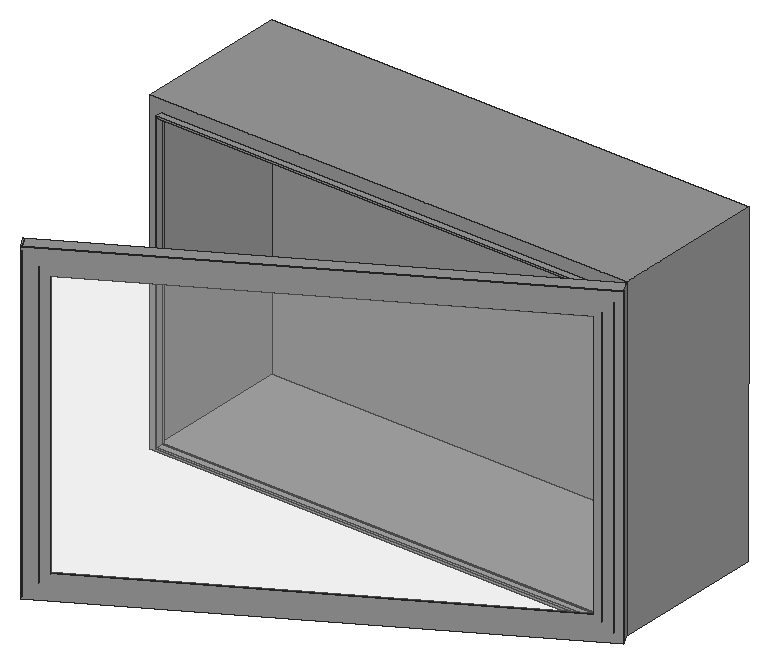
Revit family "Hager-Orion_Inox-IP66-D210-Cl.I-Inox_encl-630A-400mm-NoHosted-CH-en", category Electrical Equipment, Revit 2020
Family settings
  Panel Configuration = Two Columns, Circuits Across
  Round Connector Dimension = Use Diameter
  Part Type = Panelboard
  Work Plane-Based = Yes
  Always vertical = Yes
  Cut with Voids When Loaded = No
  Shared = No
  Room Calculation Point = No
Parameters (values of type "Surface mounted (plaster) IP66 W600 H400 D210  - FL017TWL")
  Width Control [instance] = if([EF000008 - Width] > Min Width, [EF000008 - Width], Min Width)  # 600 mm
  Type Comments = [HG000003 - Range]  # "Orion Inox"
  Thickness Door [instance] = if([EF009171 - Material plate thickness door/cover] > 3 mm, 3 mm, [EF009171 - Material plate thickness door/cover])  # 1.5 mm
  Seal Frame Offset [instance] = 17 mm  # constant formula
  Min Width [instance] = 100 mm  # constant formula
  Min Depth [instance] = (2 * [EF009170 - Material plate thickness cabinet]) + 1 mm  # 4 mm
  Min Height [instance] = 100 mm  # constant formula
  Internal Frame Depth [instance] = -(Door System Depth * 0.5)  # -9 mm
  Panel Name [instance] = ""  # (empty or 0)
  Model = ""
  HG000027 - Plinth height = 0 mm
  HG000026 - Floor standing = no
  HG000024 - Bottom section height = 600 mm
  HG000023 - Double section enclosure = no
  HG000016 - Door 3d visibility [instance] = yes
  HG000015 - Clearance visibility [instance] = no
  HG000014 - Door on the right [instance] = yes
  HG000013 - Door on the left [instance] = not([HG000014 - Door on the right])  # no
  HG000012 - Door swing angle [instance] = 30.00°
  HG000010 - Asymmetric doors = no
  HG000009 - Double swing door = no
  HG000006 - Flush mounted = no
  HG000004 - Manufacturer reference = "FL017TWL"
  HG000003 - Range = "Orion Inox"
  HG000002 - With door or cover = yes
  Frame Offset Bottom [instance] = 10 mm  # constant formula
  Frame Offset [instance] = 15 mm  # constant formula
  EF015940 - Cover with overpressure release = no
  EF011959 - Degree of protection (NEMA) = ""
  EF009554 - Number of openings for flange plates = 0
  EF009212 - Cover model = "EV000116 - Closed"
  EF009171 - Material plate thickness door/cover = 1.5 mm
  EF009170 - Material plate thickness cabinet = 1.5 mm
  EF008873 - Nominal current (In) = 630 A
  EF007800 - Suitable for lightning protection = no
  EF006306 - With lock = yes
  EF006244 - Transparent cover/door = yes
  EF005474 - Degree of protection (IP) = "EV006422 - IP66"
  EF004464 - Type of door = "EV002646 - Single"
  EF004427 - Number of modules = 0
  EF004293 - Impact strength = "EV006814 - IK08"
  EF003532 - Suitable for outdoor use = yes
  EF002950 - Width in number of modular spacings = 0
  EF001613 - Circuit integrity = "EV000494 - None"
  EF001596 - Material housing = "EV000166 - Stainless steel"
  EF001131 - Internal depth = 176 mm
  EF001088 - Extension possible = yes
  EF000437 - Number of conduit inlets = 0
  EF000339 - Type of cover = "EV004216 - Door"
  EF000266 - Number of rows = 0
  EF000218 - Built-in depth = 0 mm
  EF000118 - With mounting plate = no
  EF000116 - RAL-number = ""
  EF000049 - Depth = 210 mm
  EF000040 - Height = 400 mm
  EF000008 - Width = 600 mm
  EF000007 - Colour = "EV000154 - Other"
  EF000003 - Mounting method = "EV000384 - Surface mounted (plaster)"
  Door System Leaf Tolerance [instance] = 1.5 mm  # constant formula
  Door System Depth [instance] = 18 mm  # constant formula
  Description = ""
  Default Elevation = 1219.2 mm
  Connector Offset [instance] = Height Control / 2  # 200 mm
  Manufacturer = "Hager"  # constant formula
  Height Control [instance] = if([EF000040 - Height] > Min Height, [EF000040 - Height], Min Height)  # 400 mm
  Depth Control [instance] = if([EF000049 - Depth] > Min Depth, [EF000049 - Depth], Min Depth)  # 210 mm
Types (12, lengths in mm): name | Width Control | HG000004 - Manufacturer reference | EF009212 - Cover model | EF006306 - With lock | EF006244 - Transparent cover/door | EF004293 - Impact strength | EF001613 - Circuit integrity | EF000008 - Width
  Surface mounted (plaster) IP66 W300 H400 D210  - FL015BW | 300 | "FL015BW" | "EV000116 - Closed" | yes | no | "EV008784 - IK10" | "EV000494 - None" | 300
  Surface mounted (plaster) IP66 W300 H400 D210  - FL015BWL | 300 | "FL015BWL" | "EV000116 - Closed" | yes | no | "EV008784 - IK10" | "EV000494 - None" | 300
  Surface mounted (plaster) IP66 W300 H400 D210  - FL015TW | 300 | "FL015TW" | "EV000116 - Closed" | yes | yes | "EV006814 - IK08" | "EV000494 - None" | 300
  Surface mounted (plaster) IP66 W300 H400 D210  - FL015TWL | 300 | "FL015TWL" | "EV000116 - Closed" | yes | yes | "EV006814 - IK08" | "EV000494 - None" | 300
  Surface mounted (plaster) IP66 W400 H400 D210  - FL016BW | 400 | "FL016BW" | "EV009916 - With notch" | no | no | "EV008784 - IK10" | "" | 400
  Surface mounted (plaster) IP66 W400 H400 D210  - FL016BWL | 400 | "FL016BWL" | "EV009916 - With notch" | no | no | "EV008784 - IK10" | "" | 400
  Surface mounted (plaster) IP66 W400 H400 D210  - FL016TW | 400 | "FL016TW" | "EV000116 - Closed" | yes | yes | "EV006814 - IK08" | "EV000494 - None" | 400
  Surface mounted (plaster) IP66 W400 H400 D210  - FL016TWL | 400 | "FL016TWL" | "EV000116 - Closed" | yes | yes | "EV006814 - IK08" | "EV000494 - None" | 400
  Surface mounted (plaster) IP66 W600 H400 D210  - FL017BW | 600 | "FL017BW" | "EV000116 - Closed" | yes | no | "EV008784 - IK10" | "EV000494 - None" | 600
  Surface mounted (plaster) IP66 W600 H400 D210  - FL017BWL | 600 | "FL017BWL" | "EV000116 - Closed" | yes | no | "EV008784 - IK10" | "EV000494 - None" | 600
  Surface mounted (plaster) IP66 W600 H400 D210  - FL017TW | 600 | "FL017TW" | "EV000116 - Closed" | yes | yes | "EV006814 - IK08" | "EV000494 - None" | 600
  Surface mounted (plaster) IP66 W600 H400 D210  - FL017TWL | 600 | "FL017TWL" | "EV000116 - Closed" | yes | yes | "EV006814 - IK08" | "EV000494 - None" | 600
Reference planes
  plane 1 "Center (Front/Back)": y = 0
  plane 2: z = 0
  plane 3 "Center (Left/Right)": x = 0
  plane 4: y = 0
  plane 5: y = 0
  plane 6: z = 0
  plane 7: x = -300
  plane 8: x = 300
  plane 9: x = 298.5
  plane 10: x = -298.5
  plane 11: z = 0
  plane 12: z = 1.5
  plane 13: y = -210
  plane 14: y = -1.5
  plane 15: x = 0
  plane 16: y = -192
  plane 17: y = -208.5
  plane 18: y = -190.5
  plane 19: x = -283.5
  plane 20: x = 283.5
  plane 21: z = 11.5
  plane 22: x = -283
  plane 23: x = 283
  plane 24: z = 0
  plane 25: z = 400
  plane 26: z = 400
  plane 27: z = 383.5
  plane 28: z = 398.5
Forms (mm)
  Extrusion 1, solid, material "Hager_Stainless_Steel", detail levels medium+fine
    sketch origin (-208.679, -4572, 0) x (-1, 0, 0) y (0, -1, 0)
      loop
        line (91.321, -4380) -> (-508.679, -4380) -> (-508.679, -4572) -> (91.321, -4572) -> (91.321, -4380)
    from 0 to 400
  Extrusion 2, void
    sketch origin (-350.771, -210, 1219.2) x (1, 0, 0) y (0, 0, 1)
      loop
        line (52.271, -820.7) -> (52.271, -1217.7) -> (649.271, -1217.7) -> (649.271, -820.7) -> (52.271, -820.7)
    from -19.5 to -208.5
  Extrusion 3, void
    sketch origin (-290.084, -192, 1219.2) x (1, 0, 0) y (0, 0, 1)
      loop
        line (6.584, -1207.7) -> (573.584, -1207.7) -> (573.584, -835.7) -> (6.584, -835.7) -> (6.584, -1207.7)
    from 0 to -1.5
  Extrusion 4, solid, material "Hager_Stainless_Steel", detail levels fine
    sketch origin (-290.084, -192, 1219.2) x (-1, 0, 0) y (0, 0, 1)
      loop
        line (-573.584, -1207.7) -> (-6.584, -1207.7) -> (-6.584, -835.7) -> (-573.584, -835.7) -> (-573.584, -1207.7)
      loop
        line (-575.084, -1209.2) -> (-5.084, -1209.2) -> (-5.084, -834.2) -> (-575.084, -834.2) -> (-575.084, -1209.2)
    from 0 to -9 <- "Internal Frame Depth"
  Extrusion 5, solid, material "Hager_Stainless_Steel", detail levels coarse
    sketch origin (0, 0, 0) x (1, 0, 0) y (0, 1, 0)
      loop
        line (-300, 0) -> (-300, -210) -> (300, -210) -> (300, 0) -> (-300, 0)
    from 0 to 400 <- "Height Control"
Cuts and joins
  Extrusion 2, Extrusion 3 cuts Extrusion 1
Lines and regions (mm)
  Masking region 1
    outline origin (0, 0, 0) x (1, 0, 0) y (0, 1, 0)
      loop
        line (-300, 0) -> (-300, -210) -> (300, -210) -> (300, 0) -> (-300, 0)
  Masking region 2
    outline origin (-290.084, -192, 1219.2) x (-1, 0, 0) y (0, 0, 1)
      loop
        line (-590.084, -1219.2) -> (9.916, -1219.2) -> (9.916, -819.2) -> (-590.084, -819.2) -> (-590.084, -1219.2)
  Masking region 3, detail levels coarse
    outline origin (0, 0, 0) x (0, 1, 0) y (0, 0, 1)
      loop
        line (0, 0) -> (0, 400) -> (-210, 400) -> (-210, 0) -> (0, 0)
  Masking region 4, detail levels medium+fine
    outline origin (0, 0, 594.038) x (0, 1, 0) y (0, 0, 1)
      loop
        line (0, -594.038) -> (0, -194.038) -> (-192, -194.038) -> (-192, -594.038) -> (0, -594.038)
Dimensions and locks
  locked: plane 1 "Center (Front/Back)" to plane 5
  "EF009170 - Material plate thickness cabinet": plane 7 to plane 10
  "EF009170 - Material plate thickness cabinet": plane 8 to plane 9
  equal spacing: plane 7, plane 3 "Center (Left/Right)", plane 8
  "Width Control": plane 7 to plane 8
  "Depth Control": plane 4 to plane 13
  "EF009170 - Material plate thickness cabinet": plane 4 to plane 14
  "Height Control": plane 25 to level
  "EF009170 - Material plate thickness cabinet": plane 12 to plane 11
  "EF009170 - Material plate thickness cabinet": plane 17 to plane 13
  "EF009170 - Material plate thickness cabinet": plane 18 to plane 16
  "Frame Offset Bottom": plane 21 to plane 12
  "Frame Offset": plane 10 to plane 19
  "Frame Offset": plane 9 to plane 20
  "Door System Depth": plane 16 to plane 13
  "Seal Frame Offset": plane 7 to plane 22
  "Seal Frame Offset": plane 8 to plane 23
  "EF009170 - Material plate thickness cabinet": plane 26 to plane 28
  "Frame Offset": plane 28 to plane 27
  "Connector Offset": plane 2 to connector elem
  "Thickness Door": cut or joined group of Extrusion 1, Extrusion 2, Extrusion 3 to Extrusion 4 sketch curve
  "Thickness Door": Extrusion 4 sketch curve to plane 19
  "Thickness Door": Extrusion 4 sketch curve to plane 20
  "Thickness Door": Extrusion 4 sketch curve to plane 27
  aligned and locked: Extrusion 2 sketch curve to plane 12
  aligned and locked: Extrusion 2 sketch curve to plane 9
  aligned and locked: Extrusion 2 sketch curve to plane 10
  aligned and locked: plane 14 to Extrusion 2
  aligned and locked: plane 4 to Extrusion 1 sketch curve
  aligned and locked: plane 8 to Extrusion 1 sketch curve
  aligned and locked: plane 7 to Extrusion 1 sketch curve
  aligned and locked: Extrusion 2 to plane 18
  aligned and locked: plane 19 to Extrusion 3 sketch curve
  aligned and locked: plane 20 to Extrusion 3 sketch curve
  aligned and locked: Extrusion 3 to Extrusion 2
  aligned and locked: Extrusion 3 sketch curve to plane 21
  aligned and locked: plane 3 "Center (Left/Right)" to nested 1
  aligned and locked: Extrusion 1 sketch curve to plane 16
  aligned and locked: Masking region 1 sketch curve to plane 7
  aligned and locked: Masking region 1 sketch curve to plane 5
  aligned and locked: Masking region 1 sketch curve to plane 8
  aligned and locked: Masking region 2 sketch curve to level
  aligned and locked: level to Masking region 3 sketch curve
  aligned and locked: plane 1 "Center (Front/Back)" to Masking region 3 sketch curve
  aligned and locked: plane 13 to Masking region 3 sketch curve
  aligned and locked: Masking region 2 sketch curve to plane 8
  aligned and locked: Masking region 2 sketch curve to plane 7
  aligned and locked: plane 7 to nested 2
  aligned and locked: nested 2 to plane 5
  aligned and locked: plane 5 to Masking region 4 sketch curve
  aligned and locked: plane 26 to Masking region 4 sketch curve
  aligned and locked: Extrusion 5 sketch curve to plane 8
  aligned and locked: Extrusion 5 sketch curve to plane 7
  aligned and locked: Extrusion 5 sketch curve to plane 5
  aligned and locked: Extrusion 3 sketch curve to plane 27
  aligned and locked: Extrusion 2 sketch curve to plane 28
  aligned and locked: Extrusion 4 sketch curve to plane 27
  aligned and locked: Extrusion 4 sketch curve to plane 20
  aligned and locked: Extrusion 4 sketch curve to plane 21
  aligned and locked: Extrusion 4 sketch curve to plane 19
  aligned and locked: Masking region 2 to plane 25
  aligned and locked: Masking region 4 sketch curve to plane 24
  aligned and locked: Masking region 1 to plane 13
  aligned and locked: nested 1 to plane 16
  aligned and locked: Masking region 3 to plane 25
  aligned and locked: Masking region 4 sketch curve to plane 16
  aligned and locked: plane 24 to plane 11
  aligned and locked: plane 26 to plane 25
  aligned and locked: level to plane 24
  aligned and locked: Extrusion 1 to Masking region 3
  aligned and locked: level to nested 1
Automatic sketch dimensions
  Extrusion 5 sketch curve to plane 13 = 0 mm
  plane 27 to Masking region 2 sketch curve = 16.5 mm
  plane 27 to Masking region 3 sketch curve = 16.5 mm
  Masking region 1 sketch curve to plane 13 = 0 mm
  Extrusion 3 sketch curve to plane 21 = 0 mm
  plane 19 to Extrusion 3 sketch curve = 0 mm
  Extrusion 3 sketch curve to plane 20 = 0 mm
Nested families
  nested 1: "EC000058_OrionInox_Door" at (0, -192, 0), Double <- "HG000009 - Double swing door", Transparent <- "EF006244 - Transparent cover/door", Angle <- "HG000012 - Door swing angle", Door_Right <- "HG000014 - Door on the right", Assymetrical <- "HG000010 - Asymmetric doors", Door <- "HG000002 - With door or cover", Width_Ctrl <- "Width Control", 3d_Door <- "HG000016 - Door 3d visibility", Clearance <- "HG000015 - Clearance visibility", Door_Left <- "HG000013 - Door on the left", Width <- "Width Control", Door_Depth <- "Door System Depth", Leaf_Tolerance <- "Door System Leaf Tolerance", Height <- "Height Control", Thickness <- "Thickness Door", type "EC000058_OrionInox_Door", detail levels medium+fine
    with min_wh 4 mm, Width_Ctrl 600 mm, Width 600 mm, Transparent yes, Thickness 1.5 mm, Seal_Material Hager_Rubber, Leaf_Width 600 mm, Leaf_Tolerance_External_Sides 0 mm, Leaf_Tolerance 1.5 mm, Leaf_Offset 0 mm, Leaf_Height 397 mm, Leaf_2_Width 600 mm, Leaf_2_Offset 300 mm, Leaf_1_Width 600 mm, Leaf_1_Offset 300 mm, Height_Ctrl 400 mm, Height 400 mm, Glass_Material Hager_Glass, Double_Clearance_Ctrl no, Double no, Door_Right_Ctrl yes, Door_Right yes, Door_Material Hager_Stainless_Steel, Door_Left_Ctrl no, Door_Left no, Door_Depth 18 mm, Door yes, Clearance_Material Hager_Clearance, Clearance_Depth 600 mm, Clearance_Ctrl no, Clearance no, Assymetrical no, Angle 30.00°, 3d_Door yes
  nested 2: "Hager_Enclosure_Symbol" at (-300, 0, 0), Height <- "Depth Control", Width <- "Width Control", type "Hager_Enclosure_Symbol"
    with Width_Ctrl 600 mm, Width 600 mm, Height_Ctrl 210 mm, Height 210 mm, A_Width_Int 13.781 mm, A_Width 165.375 mm, A_Height_Ctrl 183.75 mm, A_Height 183.75 mm
Connectors
  electrical at (0, 0, 200)
    settings: on plane 1 "Center (Front/Back)", index 1, voltage 0 V, apparent load 0 VA, apparent load phase1 0 VA, apparent load phase2 0 VA, apparent load phase3 0 VA, power factor 1, load classification "Other", number of poles 1, system type 30, power factor state 1, is connector primary yes, connector utility no, sub classification motor no, connector description ""
Definition of nested family "EC000058_OrionInox_Door"
  Parameters (values of type "EC000058_OrionInox_Door")
    min_wh [instance] = (2 * Thickness) + 1 mm  # 11 mm
    Width_Ctrl [instance] = 400 mm
    Width [instance] = 500 mm
    Transparent [instance] = yes
    Thickness [instance] = 5 mm
    Seal_Material [instance] = none
    Leaf_Width [instance] = if((Width_Ctrl - 2 * Leaf_Tolerance_External_Sides) > 0 mm, (Width_Ctrl - 2 * Leaf_Tolerance_External_Sides), min_wh)  # 400 mm
    Leaf_Tolerance_External_Sides [instance] = 0 mm  # constant formula
    Leaf_Tolerance [instance] = 1.5 mm
    Leaf_Offset [instance] = 0 mm  # constant formula
    Leaf_Height [instance] = if((Height_Ctrl - 2 * Leaf_Tolerance) > 0 mm, (Height_Ctrl - 2 * Leaf_Tolerance), min_wh)  # 497 mm
    Leaf_2_Width [instance] = if(and(and(Double, Assymetrical), Door_Left), (Leaf_Width / 3) - (Leaf_Tolerance / 2), if(and(and(Double, Assymetrical), Door_Right), (Leaf_Width / 3) * 2 - (Leaf_Tolerance / 2), if(and(Double, not(Assymetrical)), (Leaf_Width / 2) - Leaf_Tolerance, Leaf_Width)))  # 400 mm
    Leaf_2_Offset [instance] = if(and(Double, Assymetrical), Leaf_2_Width / 2, if(and(Double, not(Assymetrical)), Leaf_Width / 4, Leaf_Width / 2))  # 200 mm
    Leaf_1_Width [instance] = if(and(and(Double, Assymetrical), Door_Right), (Leaf_Width / 3) - (Leaf_Tolerance / 2), if(and(and(Double, Assymetrical), Door_Left), (Width / 3) * 2 - (Leaf_Tolerance / 2), if(and(Double, not(Assymetrical)), (Leaf_Width / 2) - Leaf_Tolerance, Leaf_Width)))  # 400 mm
    Leaf_1_Offset [instance] = if(and(Double, Assymetrical), Leaf_1_Width / 2, if(and(Double, not(Assymetrical)), Leaf_Width / 4, Leaf_Width / 2))  # 200 mm
    Height_Ctrl [instance] = if(Height > min_wh, Height, min_wh)  # 500 mm
    Height [instance] = 500 mm
    Glass_Material [instance] = none
    Double_Clearance_Ctrl [instance] = and(Double, Clearance)  # no
    Double [instance] = no
    Door_Right_Ctrl [instance] = and(or(Door_Right, Double), Door)  # yes
    Door_Right [instance] = yes
    Door_Material [instance] = none
    Door_Left_Ctrl [instance] = and(or(Door_Left, Double), Door)  # no
    Door_Left [instance] = no
    Door_Depth [instance] = 30 mm
    Door [instance] = yes
    Default Elevation = 1219.2 mm
    Clearance_Material [instance] = none
    Clearance_Depth [instance] = if(Leaf_1_Width > Leaf_2_Width, Leaf_1_Width, Leaf_2_Width)  # 400 mm
    Clearance_Ctrl [instance] = and(not(Double), Clearance)  # yes
    Clearance [instance] = yes
    Assymetrical [instance] = yes
    Angle [instance] = 30.00°
    3d_Door [instance] = yes
  Reference planes
    plane 1 "Center (Front/Back)": y = 0
    plane 2 "Bottom": z = 0
    plane 3 "Center (Left/Right)": x = 0
    plane 4: z = 500
    plane 5: x = -200
    plane 6: x = 200
    plane 7: z = 500
    plane 8: x = -200
    plane 9: z = 0
    plane 10: x = 200
    plane 11: y = 0
    plane 12: z = 1.5
    plane 13: x = -600
    plane 14: y = -400
    plane 15: x = 600
    plane 16: x = 0
    plane 17: x = 0
    plane 18: x = -200
    plane 19: x = 200
    plane 20: z = 498.5
  Forms (mm)
    Extrusion 1, solid, material <- "Clearance_Material", visible <- "Double_Clearance_Ctrl"
      sketch origin (1200, 0, 0) x (1, 0, 0) y (0, 0, -1)
        loop
          line (-1800, -498.5) -> (-600, -498.5) -> (-600, 0) -> (-1800, 0) -> (-1800, -498.5)
      from 0 to -400
  Dimensions and locks
    equal spacing: plane 5, plane 3 "Center (Left/Right)", plane 6
    "Width_Ctrl": plane 5 to plane 6
    "Leaf_Offset": plane 5 to plane 8
    "Leaf_Offset": plane 6 to plane 10
    "Leaf_Offset": plane 9 to level
    "Leaf_Offset": plane 4 to plane 7
    "Height_Ctrl": plane 4 to level
    "Leaf_Tolerance": plane 12 to plane 9
    locked: plane 11 to plane 1 "Center (Front/Back)"
    "Leaf_1_Offset": plane 18 to plane 16
    "Leaf_2_Offset": plane 17 to plane 19
    "Leaf_1_Width": plane 13 to plane 8
    "Leaf_2_Width": plane 10 to plane 15
    "Clearance_Depth": plane 14 to plane 1 "Center (Front/Back)"
    "Leaf_Tolerance_External_Sides": plane 8 to plane 18
    "Leaf_Tolerance_External_Sides": plane 19 to plane 10
    "Leaf_Tolerance": plane 7 to plane 20
    aligned and locked: level to plane 2 "Bottom"
    aligned and locked: nested 1 to plane 16
    aligned and locked: nested 2 to plane 17
    aligned and locked: Extrusion 1 to plane 13
    aligned and locked: plane 15 to Extrusion 1
    aligned and locked: Extrusion 1 to plane 14
    aligned and locked: plane 12 to nested 1
    aligned and locked: nested 2 to plane 12
    aligned and locked: Extrusion 1 to plane 11
    aligned and locked: plane 20 to Extrusion 1
    aligned and locked: nested 2 to plane 11
    aligned and locked: nested 1 to plane 11
  Automatic sketch dimensions
    Extrusion 1 sketch curve to level = 0 mm
    plane 5 to Extrusion 1 sketch curve = 400 mm
    plane 6 to Extrusion 1 sketch curve = 400 mm
    Extrusion 1 sketch curve to plane 4 = 1.5 mm
  Nested families
    nested 1: "EC000058_OrionInox_Door_Leaf" at (0, 0, 1.5), Width <- "Leaf_1_Width", visible <- "Door_Left_Ctrl", Leaf_Height <- "Leaf_Height", Angle <- "Angle", 3d_Door <- "3d_Door", Transparent <- "Transparent", Clearance Material <- "Clearance_Material", Clearance <- "Clearance_Ctrl", Door_Material <- "Door_Material", Glass_Material <- "Glass_Material", Door_Depth <- "Door_Depth", Seal_Material <- "Seal_Material", Thickness <- "Thickness", type "EC000058_OrionInox_Door_Leaf"
      with Width 400 mm, Transparent_Ctrl yes, Transparent yes, Thickness 5 mm, Standard no, Seal_Material none, Seal_D2 8 mm, Seal_D1 1 mm, Offset_Internal_Frame 10 mm, Lock_Width 28 mm, Lock_Thickness 2 mm, Lock_Radius 6 mm, Leaf_Height 497 mm, Internal_Seal_Thickness 8 mm, Internal_Seal_Depth_2 4.5 mm, Internal_Frame_Depth 25 mm, Glass_Thickness -1 mm, Glass_Offset -2 mm, Glass_Material none, Door_Material none, Door_Depth 30 mm, Clearance Material none, Clearance yes, Angle_Ctrl 30.00°, Angle 30.00°, 3d_Door yes
    nested 2: "EC000058_OrionInox_Door_Leaf" at (0, 0, 1.5) x (-1, 0, 0) z (0, 0, 1), Width <- "Leaf_2_Width", visible <- "Door_Right_Ctrl", Leaf_Height <- "Leaf_Height", Angle <- "Angle", 3d_Door <- "3d_Door", Transparent <- "Transparent", Clearance Material <- "Clearance_Material", Clearance <- "Clearance_Ctrl", Door_Material <- "Door_Material", Glass_Material <- "Glass_Material", Door_Depth <- "Door_Depth", Seal_Material <- "Seal_Material", Thickness <- "Thickness", type "EC000058_OrionInox_Door_Leaf"
      with Width 400 mm, Transparent_Ctrl yes, Transparent yes, Thickness 5 mm, Standard no, Seal_Material none, Seal_D2 8 mm, Seal_D1 1 mm, Offset_Internal_Frame 10 mm, Lock_Width 28 mm, Lock_Thickness 2 mm, Lock_Radius 6 mm, Leaf_Height 497 mm, Internal_Seal_Thickness 8 mm, Internal_Seal_Depth_2 4.5 mm, Internal_Frame_Depth 25 mm, Glass_Thickness -1 mm, Glass_Offset -2 mm, Glass_Material none, Door_Material none, Door_Depth 30 mm, Clearance Material none, Clearance yes, Angle_Ctrl 30.00°, Angle 30.00°, 3d_Door yes
  Definition of nested family "EC000058_OrionInox_Door_Leaf"
    Parameters (values of type "EC000058_OrionInox_Door_Leaf")
      Width [instance] = 450 mm
      Transparent_Ctrl [instance] = and(Transparent, [3d_Door])  # yes
      Transparent [instance] = yes
      Thickness [instance] = 5 mm
      Standard [instance] = and(not(Transparent), [3d_Door])  # no
      Seal_Material [instance] = none
      Seal_D2 [instance] = 8 mm  # constant formula
      Seal_D1 [instance] = 1 mm  # constant formula
      Offset_Internal_Frame [instance] = 10 mm  # constant formula
      Lock_Width [instance] = Door_Depth - Lock_Thickness  # 28 mm
      Lock_Thickness [instance] = 2 mm  # constant formula
      Lock_Radius [instance] = 6 mm  # constant formula
      Leaf_Height [instance] = 450 mm
      Internal_Seal_Thickness [instance] = 8 mm  # constant formula
      Internal_Seal_Depth_2 [instance] = 4.5 mm  # constant formula
      Internal_Frame_Depth [instance] = if(Door_Depth - Thickness > 5 mm, Door_Depth - Thickness, 5 mm)  # 25 mm
      Glass_Thickness [instance] = if(Thickness > 15 mm, Glass_Offset + 10 mm, -1 mm)  # -1 mm
      Glass_Offset [instance] = if(Thickness > 15 mm, -(Thickness + 10 mm) / 2, -2 mm)  # -2 mm
      Glass_Material [instance] = none
      Door_Material [instance] = none
      Door_Depth [instance] = 30 mm
      Default Elevation = 0 mm
      Clearance Material [instance] = none
      Clearance [instance] = yes
      Angle_Ctrl [instance] = if(Angle > 180.00°, 180.00°, Angle)  # 90.00°
      Angle [instance] = 90.00°
      3d_Door [instance] = yes
    Reference planes
      plane 1 "Center (Front/Back)": y = 0
      plane 2: z = 0
      plane 3 "Center (Left/Right)": x = 0
      plane 4: y = 450
      plane 5: x = -225
      plane 6: x = 225
      plane 7: x = -675
      plane 8: z = 450
      plane 9: z = 30
      plane 10: z = 420
      plane 11: x = 195
      plane 12: x = -195
      plane 13: y = -3
      plane 14: z = 107.833
      plane 15: y = -5
      plane 16: y = -223.314
      plane 17: x = -225
      plane 18: y = 30
    Forms (mm)
      Extrusion 1, solid, material <- "Clearance Material", visible <- "Clearance"
        sketch origin (0, 0, 0) x (1, 0, 0) y (0, 0, 1)
          loop
            line (-675, 450) -> (-675, 0) -> (225, 0) -> (225, 450) -> (-675, 450)
        from 0 to -450
      Extrusion 2, solid, material <- "Door_Material", visible <- "Standard", detail levels medium+fine
        sketch origin (-225, 0, 0) x (0, 1, 0) y (-1, 0, 0)
          loop
            line (0, 30) -> (0, 25) -> (450, 25) -> (450, 30) -> (0, 30)
        from 0 to 450 <- "Leaf_Height"
      Extrusion 3, solid, material <- "Door_Material", visible <- "Transparent_Ctrl", detail levels medium+fine
        sketch origin (-225, 0, 0) x (0, 1, 0) y (-1, 0, 0)
          loop
            line (0, 25) -> (450, 25) -> (450, 30) -> (0, 30) -> (0, 25)
        from 0 to 450 <- "Leaf_Height"
      Extrusion 4, void
        sketch origin (-250, 450, 0) x (0, 1, 0) y (0, 0, -1)
          loop
            line (-30, -420) -> (-30, -30) -> (-420, -30) -> (-420, -420) -> (-30, -420)
        from 0 to 5 <- "Thickness"
      Sweep 5, solid, material <- "Seal_Material", visible <- "Transparent_Ctrl", detail levels fine
        path in 3D
          loop
            line (-250, 30, 30) -> (-250, 30, 420) -> (-250, 420, 420) -> (-250, 420, 30) -> (-250, 30, 30)
        profile origin (-250, 225, 30) x (1, 0, 0) y (0, 0, 1)
          loop
            line (0, 0) -> (0, -8) -> (1, -8) -> (1, 0) -> (0, 0)
      Extrusion 6, solid, material <- "Glass_Material", visible <- "Transparent_Ctrl", detail levels medium+fine
        sketch origin (-255, 0, 0) x (0, 1, 0) y (0, 0, -1)
          loop
            line (420, -420) -> (420, -30) -> (30, -30) -> (30, -420) -> (420, -420)
        from -2 <- "Glass_Offset" to -1 <- "Glass_Thickness"
      Extrusion 7, solid, material <- "Door_Material", visible <- "3d_Door", detail levels medium+fine
        sketch origin (-250, 450, 0) x (0, -1, 0) y (0, 0, -1)
          loop
            line (0, -450) -> (450, -450) -> (450, 0) -> (0, 0) -> (0, -450)
          loop
            line (445, -5) -> (5, -5) -> (5, -445) -> (445, -445) -> (445, -5)
        from 0 to 25 <- "Internal_Frame_Depth"
      Sweep 8, solid, material <- "Seal_Material", visible <- "Transparent_Ctrl", detail levels fine
        path in 3D
          loop
            line (-250, 0, 0) -> (-250, 450, 0) -> (-250, 450, 450) -> (-250, 0, 450) -> (-250, 0, 0)
        profile origin (-250, 0, 225) x (1, 0, 0) y (0, 1, 0)
          loop
            line (0, 10) -> (2.975, 10)
            arc (2.975, 10) -> (4.053, 10.447) -> (4.5, 11.525) r 1.525
            line (4.5, 11.525) -> (4.5, 16.527)
            arc (4.5, 16.527) -> (4.069, 17.569) -> (3.027, 18) r 1.473
            line (3.027, 18) -> (0, 18) -> (0, 10)
    Cuts and joins
      Extrusion 4 cuts Extrusion 3
    Lines and regions (mm)
      Masking region 1, detail levels medium+fine
        outline origin (0, 0, 0) x (0, 1, 0) y (0, 0, 1)
          loop
            line (0, 0) -> (30, 0) -> (30, 450) -> (0, 450) -> (0, 0)
      Masking region 2, detail levels medium+fine
        outline origin (0, 0, 0) x (1, 0, 0) y (0, 0, 1)
          loop
            line (-225, 450) -> (-225, 0) -> (225, 0) -> (225, 450) -> (-225, 450)
      symbolic lines
        curve 1: line (225, 0, 0) -> (-675, 0, 0)
        curve 2: arc (225, 0, 0) -> (-225, 450, 0) -> (-675, 0, 0) r 450
        curve 4: line (-255, 0, 0) -> (-255, 450, 0)
      reference lines
        curve 3: line (-225, 0, 0) -> (-225, 450, 0)
      symbolic lines, detail levels medium+fine
        curve 5: line (-255, 450, 0) -> (-250, 450, 0)
        curve 7: line (-250, 0, 0) -> (-255, 0, 0)
        curve 8: line (-250, 0, 0) -> (-225, 0, 0)
        curve 9: line (-225, 0, 0) -> (-225, 450, 0)
        curve 10: line (-225, 450, 0) -> (-250, 450, 0)
      symbolic lines, detail levels fine
        curve 6: line (-250, 450, 0) -> (-250, 0, 0)
      sketch lines
        curve 11: line (-250, 0, 450) -> (-250, 0, 0)
        curve 12: line (-250, 450, 0) -> (-250, 0, 0)
        curve 13: line (-250, 450, 450) -> (-250, 450, 0)
        curve 14: line (-250, 0, 450) -> (-250, 450, 450)
        curve 15: line (-250, 420, 30) -> (-250, 30, 30)
        curve 16: line (-250, 30, 30) -> (-250, 30, 420)
        curve 17: line (-250, 420, 420) -> (-250, 420, 30)
        curve 18: line (-250, 30, 420) -> (-250, 420, 420)
      symbolic lines, visible <- "Transparent", detail levels medium+fine
        curve 19: line (-195, 0, 420) -> (195, 0, 420)
        curve 20: line (-195, 0, 30) -> (-195, 0, 420)
        curve 21: line (195, 0, 30) -> (-195, 0, 30)
        curve 22: line (195, 0, 420) -> (195, 0, 30)
    Dimensions and locks
      "Width": plane 1 "Center (Front/Back)" to plane 4
      equal spacing: plane 5, plane 3 "Center (Left/Right)", plane 6
      "Width": plane 5 to plane 6
      "Width": plane 7 to plane 5
      "Leaf_Height": plane 8 to level
      "Width": curve 5 to curve 3
      "Width": curve 3 to curve 3
      plane 8 to plane 10 = 30 mm
      plane 9 to level = 30 mm
      plane 12 to plane 5 = 30 mm
      plane 6 to plane 11 = 30 mm
      Extrusion 4 sketch curve to Extrusion 3 = 30 mm
      Extrusion 3 to Extrusion 4 sketch curve = 30 mm
      Extrusion 1 to Extrusion 4 sketch curve = 30 mm
      curve 3 to Extrusion 4 sketch curve = 30 mm
      Extrusion 4 sketch curve to cut or joined group of Extrusion 3, Extrusion 4 = 30 mm
      cut or joined group of Extrusion 3, Extrusion 4 to Extrusion 6 sketch curve = 30 mm
      cut or joined group of Extrusion 3, Extrusion 4 to Extrusion 4 sketch curve = 30 mm
      "Thickness": curve 6 to curve 4
      "Thickness": Extrusion 7 sketch curve to Extrusion 7 sketch curve  (x4)
      "Door_Depth": curve 4 to curve 3
      "Offset_Internal_Frame": profile plane to Sweep 8 sketch curve
      "Internal_Seal_Thickness": Sweep 8 sketch curve to Sweep 8 sketch curve
      "Internal_Seal_Depth_2": profile plane to Sweep 8 sketch curve
      "Seal_D1": profile plane to Sweep 5 sketch curve
      "Seal_D2": profile plane to Sweep 5 sketch curve
      "Thickness": Extrusion 2 sketch curve to Extrusion 2 sketch curve
      "Door_Depth": plane 18 to plane 1 "Center (Front/Back)"
      radius of Sweep 8 sketch curve = 1.525 mm
      radius of Sweep 8 sketch curve = 1.473 mm
      "Angle_Ctrl": angle plane 1 "Center (Front/Back)" to curve 3
      aligned and locked: level to plane 2
      aligned and locked: Extrusion 1 to curve 1
      aligned and locked: plane 6 to Extrusion 1
      aligned and locked: plane 1 "Center (Front/Back)" to Extrusion 1
      aligned and locked: plane 4 to Extrusion 1
      aligned and locked: plane 8 to Extrusion 1
      aligned and locked: curve 7 to Extrusion 2 sketch curve
      aligned and locked: curve 5 to Extrusion 2 sketch curve
      aligned and locked: curve 7 to Extrusion 3 sketch curve
      aligned and locked: Extrusion 3 sketch curve to curve 4
      aligned and locked: Extrusion 3 sketch curve to curve 6
      aligned and locked: Extrusion 3 sketch curve to curve 5
      aligned and locked: curve 9 to curve 3
      aligned and locked: Extrusion 7 sketch curve to cut or joined group of Extrusion 3, Extrusion 4  (x4)
      aligned and locked: plane 17 to curve 3
      aligned and locked: plane 1 "Center (Front/Back)" to curve 3
      aligned and locked: plane 17 to plane 5
      aligned and locked: Sweep 8 sketch curve to profile plane
      aligned and locked: Sweep 5 sketch curve to profile plane  (x2)
      aligned and locked: plane 1 "Center (Front/Back)" to Masking region 1 sketch curve
      aligned and locked: plane 18 to Masking region 1 sketch curve
      aligned and locked: level to Masking region 1 sketch curve
      aligned and locked: Masking region 1 sketch curve to plane 8
      aligned and locked: plane 17 to Masking region 2 sketch curve
      aligned and locked: level to Masking region 2 sketch curve
      aligned and locked: Masking region 2 sketch curve to plane 8
      aligned and locked: plane 12 to curve 20
      aligned and locked: plane 10 to curve 19
      aligned and locked: plane 11 to curve 22
      aligned and locked: plane 9 to curve 21
      aligned and locked: Extrusion 2 sketch curve to cut or joined group of Extrusion 3, Extrusion 4
    Automatic sketch dimensions
      plane 1 "Center (Front/Back)" to curve 2 = 0 mm
      curve 2 to plane 5 = 0 mm
      Extrusion 1 sketch curve to level = 0 mm
      Extrusion 1 sketch curve to plane 7 = 0 mm
      Extrusion 1 sketch curve to plane 6 = 0 mm
      Extrusion 1 sketch curve to plane 8 = 0 mm
      Extrusion 3 to Extrusion 6 sketch curve = 30 mm  (x4)
      Masking region 2 sketch curve to plane 6 = 0 mm
      curve 4 to curve 3 = 0 mm
Definition of nested family "Hager_Enclosure_Symbol"
  Parameters (values of type "Hager_Enclosure_Symbol")
    Width_Ctrl [instance] = if(Width > 1 mm, Width, 1 mm)  # 102.27 mm
    Width [instance] = 102.27 mm
    Height_Ctrl [instance] = if(Height > 1 mm, Height, 1 mm)  # 66.5 mm
    A_Width_Int [instance] = if(A_Width / 12 > 2 mm, A_Width / 12, 2 mm)  # 4.364 mm
    A_Width [instance] = if(A_Height_Ctrl * 0.9 > 2 mm, A_Height_Ctrl * 0.9, 2 mm)  # 52.369 mm
    A_Height_Ctrl [instance] = if(A_Height > 2 mm, A_Height, 2 mm)  # 58.188 mm
    Height [instance] = 66.5 mm
    A_Height [instance] = Height - (Height / 8)  # 58.188 mm
  Reference planes
    plane 1 "Centre (avant/arrière)": y = 0
    plane 2: z = 0
    plane 3 "Centre (gauche/droite)": x = 0
    plane 4: x = 52.369
    plane 5: y = 33.042
    plane 6: y = 41.77
    plane 7: y = 66.5
    plane 8: x = 26.184
    plane 9: y = 37.406
    plane 10: x = 102.27
    plane 11: y = 66.5
    plane 12: y = 8.313
  Lines and regions (mm)
    Filled region 1, type "Solid_Black", in view "Niveau de réf."
      outline origin (0, 0, 0) x (1, 0, 0) y (0, 1, 0)
        loop
          line (52.369, 66.5) -> (33.188, 54.536) -> (45.365, 45.006) -> (52.369, 66.5)
    Filled region 2, type "Solid_Black", in view "Niveau de réf."
      outline origin (0, 0, 0) x (1, 0, 0) y (0, 1, 0)
        loop
          line (0, 0) -> (102.27, 0) -> (102.27, 66.5) -> (0, 0)
    detail lines, in view "Niveau de réf."
      curve 1: line (0, 8.313, 0) -> (26.184, 41.77, 0)
      curve 2: line (26.184, 41.77, 0) -> (26.184, 33.042, 0)
      curve 3: line (26.184, 33.042, 0) -> (52.369, 66.5, 0)
  Dimensions and locks
    "A_Width": plane 3 "Centre (gauche/droite)" to plane 4
    equal spacing: plane 3 "Centre (gauche/droite)", plane 8, plane 4
    equal spacing: plane 6, plane 9, plane 5
    equal spacing: curve 3, Filled region 1 sketch curve, Filled region 1 sketch curve
    "Height_Ctrl": plane 1 "Centre (avant/arrière)" to plane 11
    "A_Height_Ctrl": plane 11 to plane 12
    equal spacing: plane 11, plane 9, plane 12
    "A_Width_Int": plane 6 to plane 9
    "Width_Ctrl": plane 3 "Centre (gauche/droite)" to plane 10
    angle Filled region 1 sketch curve to curve 3 = 20.00°
    angle curve 3 to Filled region 1 sketch curve = 20.00°
    locked: curve 3 to Filled region 1 sketch curve (angle 90.00°)
    aligned and locked: plane 10 to Filled region 2
    aligned and locked: plane 11 to Filled region 2 sketch curve
    aligned and locked: plane 10 to Filled region 2 sketch curve
    aligned and locked: plane 3 "Centre (gauche/droite)" to curve 1
    aligned and locked: plane 12 to curve 1
    aligned and locked: plane 7 to plane 11
  Automatic sketch dimensions
    Filled region 1 sketch curve to plane 4 = 0 mm
    Filled region 1 sketch curve to plane 7 = 0 mm
    plane 1 "Centre (avant/arrière)" to Filled region 2 sketch curve = 0 mm
    Filled region 2 sketch curve to plane 3 "Centre (gauche/droite)" = 0 mm
    curve 2 to plane 6 = 0 mm
    curve 2 to plane 8 = 0 mm
    curve 3 to plane 4 = 0 mm
    curve 2 to plane 5 = 0 mm
    curve 3 to plane 7 = 0 mm
